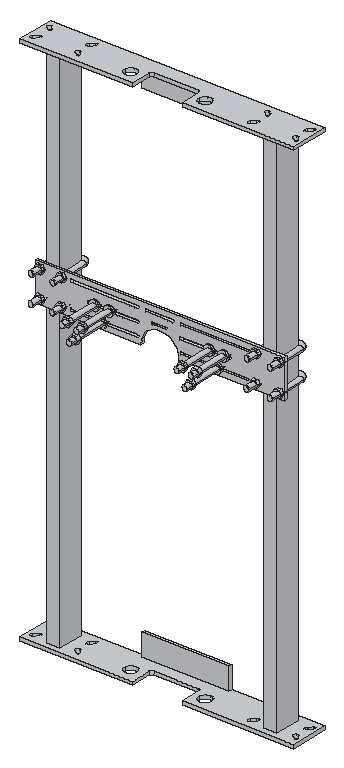
Revit family "mc-31", category Plumbing Fixtures, Revit 2023
Family settings
  Round Connector Dimension = Use Diameter
  Part Type = Normal
  Work Plane-Based = No
  Enable Cutting in Views = No
  Always vertical = Yes
  Cut with Voids When Loaded = No
  Maintain Annotation Orientation = No
  Shared = No
  Room Calculation Point = No
Parameters (values of type "MC-31")
  Model = "MC-31"
  Manufacturer = "MIFAB"
  L2 = 1' - 5"
  H2 = 1' - 3.1687"
  H1 = 3' - 6"
  H = 1' - 3"
  Description = "Urinal Carrier"
  Default Elevation = 0' - 0"
Types (2): name | H
  (no name) | 0' - 4 3/8"
  MC-31 | 1' - 3"
Reference planes (in)
  plane 1 "Center (Front/Back)": y = 0
  plane 2: z = 0
  plane 3 "Center (Left/Right)": x = 0
  plane 4: z = 42
  plane 5: z = 27
  plane 6: z = 25.49365
  plane 7: x = -8.5385
  plane 8: z = 34.48229
  plane 9: x = 8.4615
  plane 10: x = -8.5385
Forms (in)
  Extrusion 1, solid
    sketch origin (-0.0385, 0, 0) x (1, 0, 0) y (0, 1, 0)
      loop
        line (-10.75, 1.5) -> (-10.75, -1.5) -> (-1.92588, -1.5) -> (-1.92588, 0.0712)
        arc (-1.92588, 0.0712) -> (-1.85266, 0.24798) -> (-1.67588, 0.3212) r 0.25
        line (-1.67588, 0.3212) -> (1.75288, 0.3212)
        arc (1.75288, 0.3212) -> (1.92966, 0.24798) -> (2.00288, 0.0712) r 0.25
        line (2.00288, 0.0712) -> (2.00288, -1.5) -> (10.75, -1.5) -> (10.75, 1.5) -> (-10.75, 1.5)
      loop
        line (-10.41696, 0.69953) -> (-10.1493, 0.43187)
        arc (-10.1493, 0.43187) -> (-9.91323, 0.43187) -> (-9.91323, 0.66794) r 0.16692
        line (-9.91323, 0.66794) -> (-10.18089, 0.9356)
        arc (-10.18089, 0.9356) -> (-10.41696, 0.9356) -> (-10.41696, 0.69953) r 0.16692
      loop
        arc (-10.41696, -0.69953) -> (-10.41696, -0.9356) -> (-10.18089, -0.9356) r 0.16692
        line (-10.18089, -0.9356) -> (-9.91323, -0.66794)
        arc (-9.91323, -0.66794) -> (-9.91323, -0.43187) -> (-10.1493, -0.43187) r 0.16692
        line (-10.1493, -0.43187) -> (-10.41696, -0.69953)
      loop
        arc (-6.58304, 0.69953) -> (-6.58304, 0.9356) -> (-6.81911, 0.9356) r 0.16692
        line (-6.81911, 0.9356) -> (-7.08677, 0.66794)
        arc (-7.08677, 0.66794) -> (-7.08677, 0.43187) -> (-6.8507, 0.43187) r 0.16692
        line (-6.8507, 0.43187) -> (-6.58304, 0.69953)
      loop
        line (-6.58304, -0.69953) -> (-6.8507, -0.43187)
        arc (-6.8507, -0.43187) -> (-7.08677, -0.43187) -> (-7.08677, -0.66794) r 0.16692
        line (-7.08677, -0.66794) -> (-6.81911, -0.9356)
        arc (-6.81911, -0.9356) -> (-6.58304, -0.9356) -> (-6.58304, -0.69953) r 0.16692
      loop
        arc (10.49395, 0.69953) -> (10.49395, 0.9356) -> (10.25789, 0.9356) r 0.16692
        line (10.25789, 0.9356) -> (9.99023, 0.66794)
        arc (9.99023, 0.66794) -> (9.99023, 0.43187) -> (10.22629, 0.43187) r 0.16692
        line (10.22629, 0.43187) -> (10.49395, 0.69953)
      loop
        line (10.49395, -0.69953) -> (10.22629, -0.43187)
        arc (10.22629, -0.43187) -> (9.99023, -0.43187) -> (9.99023, -0.66794) r 0.16692
        line (9.99023, -0.66794) -> (10.25789, -0.9356)
        arc (10.25789, -0.9356) -> (10.49395, -0.9356) -> (10.49395, -0.69953) r 0.16692
      loop
        line (6.66004, 0.69953) -> (6.9277, 0.43187)
        arc (6.9277, 0.43187) -> (7.16376, 0.43187) -> (7.16376, 0.66794) r 0.16692
        line (7.16376, 0.66794) -> (6.8961, 0.9356)
        arc (6.8961, 0.9356) -> (6.66004, 0.9356) -> (6.66004, 0.69953) r 0.16692
      loop
        arc (6.66004, -0.69953) -> (6.66004, -0.9356) -> (6.8961, -0.9356) r 0.16692
        line (6.8961, -0.9356) -> (7.16376, -0.66794)
        arc (7.16376, -0.66794) -> (7.16376, -0.43187) -> (6.9277, -0.43187) r 0.16692
        line (6.9277, -0.43187) -> (6.66004, -0.69953)
      loop
        circle (-2.87739, -0.45397) r 0.5
      loop
        circle (2.95439, -0.45397) r 0.5
    from 0 to 0.25
  Extrusion 2, solid
    sketch origin (-0.0385, 0, 0) x (1, 0, 0) y (0, 1, 0)
      loop
        line (-9, 1) -> (-9, -1) -> (-8, -1) -> (-8, 1) -> (-9, 1)
      loop
        line (9, 1) -> (8, 1) -> (8, -1) -> (9, -1) -> (9, 1)
      loop
        line (-8.875, 0.875) -> (-8.875, -0.875) -> (-8.125, -0.875) -> (-8.125, 0.875) -> (-8.875, 0.875)
      loop
        line (8.875, 0.875) -> (8.125, 0.875) -> (8.125, -0.875) -> (8.875, -0.875) -> (8.875, 0.875)
    from 0.25 to 42
  Extrusion 3, solid
    sketch origin (-0.0385, -1.5, 0) x (1, 0, 0) y (0, 0, 1)
      loop
        line (-9.71159, 27) -> (-9.71159, 23.96458) -> (-1.46142, 23.96458)
        arc (-1.46142, 23.96458) -> (0.0385, 25.46449) -> (1.53841, 23.96458) r 1.49991
        line (1.53841, 23.96458) -> (9.78841, 23.96458) -> (9.78841, 27) -> (1.53841, 27) -> (-9.71159, 27)
      loop
        line (5.58241, 25.60666) -> (5.31341, 25.60666)
        arc (5.31341, 25.60666) -> (5.09835, 25.72919) -> (4.88329, 25.60666) r 0.25
        line (4.88329, 25.60666) -> (4.19353, 25.60666)
        arc (4.19353, 25.60666) -> (3.97847, 25.72919) -> (3.76341, 25.60666) r 0.25
        line (3.76341, 25.60666) -> (1.70741, 25.60666)
        arc (1.70741, 25.60666) -> (1.58241, 25.48166) -> (1.70741, 25.35666) r 0.125
        line (1.70741, 25.35666) -> (3.76056, 25.35666)
        arc (3.76056, 25.35666) -> (3.97847, 25.22919) -> (4.19639, 25.35666) r 0.25
        line (4.19639, 25.35666) -> (4.88044, 25.35666)
        arc (4.88044, 25.35666) -> (5.09835, 25.22919) -> (5.31627, 25.35666) r 0.25
        line (5.31627, 25.35666) -> (5.58241, 25.35666)
        arc (5.58241, 25.35666) -> (5.70741, 25.48166) -> (5.58241, 25.60666) r 0.125
      loop
        arc (-5.50558, 25.60666) -> (-5.63058, 25.48166) -> (-5.50558, 25.35666) r 0.125
        line (-5.50558, 25.35666) -> (-5.23944, 25.35666)
        arc (-5.23944, 25.35666) -> (-5.02153, 25.22919) -> (-4.80361, 25.35666) r 0.25
        line (-4.80361, 25.35666) -> (-4.11956, 25.35666)
        arc (-4.11956, 25.35666) -> (-3.90165, 25.22919) -> (-3.68373, 25.35666) r 0.25
        line (-3.68373, 25.35666) -> (-1.63058, 25.35666)
        arc (-1.63058, 25.35666) -> (-1.50558, 25.48166) -> (-1.63058, 25.60666) r 0.125
        line (-1.63058, 25.60666) -> (-3.68659, 25.60666)
        arc (-3.68659, 25.60666) -> (-3.90165, 25.72919) -> (-4.11671, 25.60666) r 0.25
        line (-4.11671, 25.60666) -> (-4.80647, 25.60666)
        arc (-4.80647, 25.60666) -> (-5.02153, 25.72919) -> (-5.23659, 25.60666) r 0.25
        line (-5.23659, 25.60666) -> (-5.50558, 25.60666)
      loop
        circle (-9.34479, 26.55338) r 0.2
      loop
        circle (9.40697, 26.55338) r 0.2
      loop
        circle (7.59932, 26.55338) r 0.2
      loop
        circle (9.40697, 24.41119) r 0.2
      loop
        circle (7.56001, 24.41005) r 0.2
      loop
        circle (-7.62989, 26.55338) r 0.2
      loop
        circle (-9.34479, 24.43392) r 0.2
      loop
        circle (-7.67309, 24.43392) r 0.2
      loop
        arc (1.0665, 26.39013) -> (1.1915, 26.51513) -> (1.0665, 26.64013) r 0.125
        line (1.0665, 26.64013) -> (-0.9895, 26.64013)
        arc (-0.9895, 26.64013) -> (-1.1145, 26.51513) -> (-0.9895, 26.39013) r 0.125
        line (-0.9895, 26.39013) -> (1.0665, 26.39013)
      loop
        arc (-1.69303, 26.38897) -> (-1.56803, 26.51397) -> (-1.69303, 26.63897) r 0.125
        line (-1.69303, 26.63897) -> (-6.86477, 26.63897)
        arc (-6.86477, 26.63897) -> (-6.98977, 26.51397) -> (-6.86477, 26.38897) r 0.125
        line (-6.86477, 26.38897) -> (-1.69303, 26.38897)
      loop
        arc (0.5665, 25.67388) -> (0.6915, 25.79888) -> (0.5665, 25.92388) r 0.125
        line (0.5665, 25.92388) -> (-0.4895, 25.92388)
        arc (-0.4895, 25.92388) -> (-0.6145, 25.79888) -> (-0.4895, 25.67388) r 0.125
        line (-0.4895, 25.67388) -> (0.5665, 25.67388)
      loop
        line (-1.69303, 24.59833) -> (-6.86477, 24.59833)
        arc (-6.86477, 24.59833) -> (-6.98977, 24.47333) -> (-6.86477, 24.34833) r 0.125
        line (-6.86477, 24.34833) -> (-1.69303, 24.34833)
        arc (-1.69303, 24.34833) -> (-1.56803, 24.47333) -> (-1.69303, 24.59833) r 0.125
      loop
        line (1.77003, 26.38897) -> (6.94177, 26.38897)
        arc (6.94177, 26.38897) -> (7.06677, 26.51397) -> (6.94177, 26.63897) r 0.125
        line (6.94177, 26.63897) -> (1.77003, 26.63897)
        arc (1.77003, 26.63897) -> (1.64503, 26.51397) -> (1.77003, 26.38897) r 0.125
      loop
        arc (1.77003, 24.59833) -> (1.64503, 24.47333) -> (1.77003, 24.34833) r 0.125
        line (1.77003, 24.34833) -> (6.94177, 24.34833)
        arc (6.94177, 24.34833) -> (7.06677, 24.47333) -> (6.94177, 24.59833) r 0.125
        line (6.94177, 24.59833) -> (1.77003, 24.59833)
    from -0.5 to -0.25
  Sweep 4, solid
    path origin (-0.04744, 0.01618, -10.80569) x (1, 0, 0) y (0, 1, 0)
      loop
        line (-9.37144, -2.1899) -> (-9.37144, 0.8101)
        arc (-9.37144, 0.8101) -> (-9.2426, 1.12116) -> (-8.93154, 1.25) r 0.4399
        line (-8.93154, 1.25) -> (-8.06846, 1.25)
        arc (-8.06846, 1.25) -> (-7.7574, 1.12116) -> (-7.62856, 0.8101) r 0.4399
        line (-7.62856, 0.8101) -> (-7.62856, -2.1899)
    profile origin (-9.41888, -0.67372, -10.80569) x (-1, 0, 0) y (0, 0, 1)
      loop
        circle (-0.03559, 35.23961) r 0.2
  Sweep 5, solid
    path origin (-0.03535, 0, -8.55569) x (-1, 0, 0) y (0, 1, 0)
      loop
        line (-9.37144, -2.1899) -> (-9.37144, 0.8101)
        arc (-9.37144, 0.8101) -> (-9.2426, 1.12116) -> (-8.93154, 1.25) r 0.4399
        line (-8.93154, 1.25) -> (-8.06846, 1.25)
        arc (-8.06846, 1.25) -> (-7.7574, 1.12116) -> (-7.62856, 0.8101) r 0.4399
        line (-7.62856, 0.8101) -> (-7.62856, -2.1899)
    profile origin (9.33609, -0.6899, -8.55569) x (-1, 0, 0) y (0, 0, 1)
      loop
        circle (-0.03238, 35.10907) r 0.2
  Extrusion 6, solid
    sketch origin (-0.0385, 0, 1.38699) x (1, 0, 0) y (0, 0, 1)
      loop
        line (-9.17226, 25.46522) -> (-9.51732, 25.46522) -> (-9.68985, 25.16639) -> (-9.51732, 24.86756) -> (-9.13577, 24.86756) -> (-8.98149, 25.13479) -> (-9.17226, 25.46522)
      loop
        circle (-9.34479, 25.16639) r 0.2
      loop
        line (-7.79187, 25.48347) -> (-7.97494, 25.16639) -> (-7.80241, 24.86756) -> (-7.45736, 24.86756) -> (-7.28483, 25.16639) -> (-7.4679, 25.48347) -> (-7.79187, 25.48347)
      loop
        circle (-7.62989, 25.16639) r 0.2
      loop
        line (9.23444, 25.46522) -> (9.06191, 25.16639) -> (9.23444, 24.86756) -> (9.5795, 24.86756) -> (9.75203, 25.16639) -> (9.5795, 25.46522) -> (9.23444, 25.46522)
      loop
        circle (9.40697, 25.16639) r 0.2
      loop
        line (7.77185, 25.46522) -> (7.42679, 25.46522) -> (7.25426, 25.16639) -> (7.42428, 24.87191) -> (7.77436, 24.87191) -> (7.94438, 25.16639) -> (7.77185, 25.46522)
      loop
        circle (7.59932, 25.16639) r 0.2
      loop
        line (-9.17226, 23.34576) -> (-9.51732, 23.34576) -> (-9.68985, 23.04693) -> (-9.51732, 22.7481) -> (-9.13577, 22.7481) -> (-8.98149, 23.01533) -> (-9.17226, 23.34576)
      loop
        circle (-9.34479, 23.04693) r 0.2
      loop
        line (-7.83508, 23.36401) -> (-8.01814, 23.04693) -> (-7.84561, 22.7481) -> (-7.50056, 22.7481) -> (-7.32803, 23.04693) -> (-7.5111, 23.36401) -> (-7.83508, 23.36401)
      loop
        circle (-7.67309, 23.04693) r 0.2
      loop
        line (9.23444, 23.31798) -> (9.06191, 23.01915) -> (9.23444, 22.72032) -> (9.5795, 22.72032) -> (9.75203, 23.01915) -> (9.5795, 23.31798) -> (9.23444, 23.31798)
      loop
        circle (9.40697, 23.01915) r 0.2
      loop
        line (7.73248, 23.31798) -> (7.38742, 23.31798) -> (7.21489, 23.01915) -> (7.3849, 22.72468) -> (7.73499, 22.72468) -> (7.90501, 23.01915) -> (7.73248, 23.31798)
      loop
        circle (7.55995, 23.01915) r 0.2
    from 1.25 to 1.45661
  Extrusion 7, solid
    sketch origin (-0.0385, 0, 0) x (1, 0, 0) y (0, 0, 1)
      loop
        circle (-3.90193, 25.46864) r 0.2
      loop
        circle (-5.05994, 25.47919) r 0.2
      loop
        circle (3.94006, 25.47919) r 0.2
      loop
        circle (5.05994, 25.47919) r 0.2
      loop
        circle (-4.49002, 24.44486) r 0.2
      loop
        circle (4.56702, 24.44486) r 0.2
    from 0.73281 to 4.48435
  Extrusion 8, solid
    sketch origin (4.273, -2.4273, -1.55033) x (1, 0, 0) y (0, 0, 1)
      loop
        line (-9.19891, 27.32835) -> (-9.54397, 27.32835) -> (-9.7165, 27.02952) -> (-9.54397, 26.73069) -> (-9.19891, 26.73069) -> (-9.02638, 27.02952) -> (-9.19891, 27.32835)
      loop
        circle (-9.37144, 27.02952) r 0.2
      loop
        line (-8.04062, 27.3178) -> (-8.38568, 27.3178) -> (-8.55821, 27.01897) -> (-8.38568, 26.72014) -> (-8.04062, 26.72014) -> (-7.86809, 27.01897) -> (-8.04062, 27.3178)
      loop
        circle (-8.21315, 27.01897) r 0.2
      loop
        line (-0.19891, 27.32835) -> (-0.54397, 27.32835) -> (-0.7165, 27.02952) -> (-0.54397, 26.73069) -> (-0.19891, 26.73069) -> (-0.02638, 27.02952) -> (-0.19891, 27.32835)
      loop
        circle (-0.37144, 27.02952) r 0.2
      loop
        line (0.92097, 27.32835) -> (0.57591, 27.32835) -> (0.40338, 27.02952) -> (0.57591, 26.73069) -> (0.92097, 26.73069) -> (1.09349, 27.02952) -> (0.92097, 27.32835)
      loop
        circle (0.74844, 27.02952) r 0.2
      loop
        line (-8.63767, 26.29639) -> (-8.97539, 26.29639) -> (-9.14792, 25.99756) -> (-8.97539, 25.69873) -> (-8.63033, 25.69873) -> (-8.46147, 25.99121) -> (-8.63767, 26.29639)
      loop
        circle (-8.80286, 25.99756) r 0.2
      loop
        line (0.09166, 26.29639) -> (-0.08454, 25.99121) -> (0.08432, 25.69873) -> (0.42938, 25.69873) -> (0.60191, 25.99756) -> (0.42938, 26.29639) -> (0.09166, 26.29639)
      loop
        circle (0.25685, 25.99756) r 0.2
    from 1.375 to 1.625
  Extrusion 9, solid
    sketch origin (4.273, 0, -1.55033) x (1, 0, 0) y (0, 0, 1)
      loop
        circle (-0.37144, 27.02952) r 0.37857
      loop
        circle (0.74844, 27.02952) r 0.37857
      loop
        circle (-8.21499, 27.02001) r 0.37857
      loop
        circle (-9.35304, 27.02952) r 0.37857
      loop
        circle (-8.80682, 25.99493) r 0.37857
      loop
        circle (0.24191, 25.99493) r 0.37857
    from 1.25 to 1.375
  Sweep 10, solid
    path origin (-0.05501, 0, -10.80569) x (-1, 0, 0) y (0, -1, 0)
      loop
        line (-9.37144, 2.1899) -> (-9.37144, -0.8101)
        arc (-9.37144, -0.8101) -> (-9.2426, -1.12116) -> (-8.93154, -1.25) r 0.4399
        line (-8.93154, -1.25) -> (-8.06846, -1.25)
        arc (-8.06846, -1.25) -> (-7.7574, -1.12116) -> (-7.62856, -0.8101) r 0.4399
        line (-7.62856, -0.8101) -> (-7.62856, 2.1899)
    profile origin (9.31643, -0.6899, -10.80569) x (-1, 0, 0) y (0, 0, 1)
      loop
        circle (-0.05204, 35.21688) r 0.2
  Sweep 11, solid
    path origin (-0.04018, 0.01618, -5.10468) x (1, 0, 0) y (0, 1, 0)
      loop
        line (-9.37144, -2.1899) -> (-9.37144, 0.8101)
        arc (-9.37144, 0.8101) -> (-9.2426, 1.12116) -> (-8.93154, 1.25) r 0.4399
        line (-8.93154, 1.25) -> (-8.03977, 1.25)
        arc (-8.03977, 1.25) -> (-7.72871, 1.12116) -> (-7.59987, 0.8101) r 0.4399
        line (-7.59987, 0.8101) -> (-7.59987, -2.1899)
    profile origin (-9.41162, -0.67372, -5.10468) x (-1, 0, 0) y (0, 0, 1)
      loop
        circle (-0.02833, 31.65806) r 0.2
  Extrusion 12, solid
    sketch origin (0, 0, 0) x (1, 0, 0) y (0, 0, 1)
      loop
        line (-3.41589, 0.25) -> (3.4201, 0.25) -> (3.4201, 2) -> (-3.41589, 2) -> (-3.41589, 0.25)
    from -1.5 to -1.23036
  Extrusion 13, solid
    sketch origin (-0.0385, 0, 42) x (1, 0, 0) y (0, 1, 0)
      loop
        line (-10.75, 1.5) -> (-10.75, -1.5) -> (-1.92588, -1.5) -> (-1.92588, 0.0712)
        arc (-1.92588, 0.0712) -> (-1.85266, 0.24798) -> (-1.67588, 0.3212) r 0.25
        line (-1.67588, 0.3212) -> (1.75288, 0.3212)
        arc (1.75288, 0.3212) -> (1.92966, 0.24798) -> (2.00288, 0.0712) r 0.25
        line (2.00288, 0.0712) -> (2.00288, -1.5) -> (10.75, -1.5) -> (10.75, 1.5) -> (-10.75, 1.5)
      loop
        line (-10.41696, 0.69953) -> (-10.1493, 0.43187)
        arc (-10.1493, 0.43187) -> (-9.91323, 0.43187) -> (-9.91323, 0.66794) r 0.16692
        line (-9.91323, 0.66794) -> (-10.18089, 0.9356)
        arc (-10.18089, 0.9356) -> (-10.41696, 0.9356) -> (-10.41696, 0.69953) r 0.16692
      loop
        arc (-10.41696, -0.69953) -> (-10.41696, -0.9356) -> (-10.18089, -0.9356) r 0.16692
        line (-10.18089, -0.9356) -> (-9.91323, -0.66794)
        arc (-9.91323, -0.66794) -> (-9.91323, -0.43187) -> (-10.1493, -0.43187) r 0.16692
        line (-10.1493, -0.43187) -> (-10.41696, -0.69953)
      loop
        arc (-6.58304, 0.69953) -> (-6.58304, 0.9356) -> (-6.81911, 0.9356) r 0.16692
        line (-6.81911, 0.9356) -> (-7.08677, 0.66794)
        arc (-7.08677, 0.66794) -> (-7.08677, 0.43187) -> (-6.8507, 0.43187) r 0.16692
        line (-6.8507, 0.43187) -> (-6.58304, 0.69953)
      loop
        line (-6.58304, -0.69953) -> (-6.8507, -0.43187)
        arc (-6.8507, -0.43187) -> (-7.08677, -0.43187) -> (-7.08677, -0.66794) r 0.16692
        line (-7.08677, -0.66794) -> (-6.81911, -0.9356)
        arc (-6.81911, -0.9356) -> (-6.58304, -0.9356) -> (-6.58304, -0.69953) r 0.16692
      loop
        arc (10.49395, 0.69953) -> (10.49395, 0.9356) -> (10.25789, 0.9356) r 0.16692
        line (10.25789, 0.9356) -> (9.99023, 0.66794)
        arc (9.99023, 0.66794) -> (9.99023, 0.43187) -> (10.22629, 0.43187) r 0.16692
        line (10.22629, 0.43187) -> (10.49395, 0.69953)
      loop
        line (10.49395, -0.69953) -> (10.22629, -0.43187)
        arc (10.22629, -0.43187) -> (9.99023, -0.43187) -> (9.99023, -0.66794) r 0.16692
        line (9.99023, -0.66794) -> (10.25789, -0.9356)
        arc (10.25789, -0.9356) -> (10.49395, -0.9356) -> (10.49395, -0.69953) r 0.16692
      loop
        line (6.66004, 0.69953) -> (6.9277, 0.43187)
        arc (6.9277, 0.43187) -> (7.16376, 0.43187) -> (7.16376, 0.66794) r 0.16692
        line (7.16376, 0.66794) -> (6.8961, 0.9356)
        arc (6.8961, 0.9356) -> (6.66004, 0.9356) -> (6.66004, 0.69953) r 0.16692
      loop
        arc (6.66004, -0.69953) -> (6.66004, -0.9356) -> (6.8961, -0.9356) r 0.16692
        line (6.8961, -0.9356) -> (7.16376, -0.66794)
        arc (7.16376, -0.66794) -> (7.16376, -0.43187) -> (6.9277, -0.43187) r 0.16692
        line (6.9277, -0.43187) -> (6.66004, -0.69953)
      loop
        circle (-2.87739, -0.45397) r 0.5
      loop
        circle (2.95439, -0.45397) r 0.5
    from 0 to 0.25
  Extrusion 14, solid
    sketch origin (0, 0, 40) x (1, 0, 0) y (0, 0, 1)
      loop
        line (-3.41589, 0.25) -> (3.4201, 0.25) -> (3.4201, 2) -> (-3.41589, 2) -> (-3.41589, 0.25)
    from -1.5 to -1.23036
Dimensions and locks (in)
  locked: Extrusion 3 to Extrusion 3 at 0.25
  "H": plane 4 to plane 5
  Extrusion 3 sketch curve to Extrusion 3 sketch curve = 0' - 3.03542"
  "H1": plane 4 to level
  plane 5 to plane 6 = 0' - 1.50635"
  plane 7 to Sweep 11 sketch curve = 0' - 0.84479"
  Extrusion 3 sketch curve to Extrusion 3 sketch curve = 1' - 7 1/2"
  plane 7 to Extrusion 3 sketch curve = 0' - 0.84479"
  aligned and locked: Extrusion 2 to Extrusion 1
  aligned and locked: Extrusion 3 to Extrusion 2
  aligned and locked: plane 4 to Extrusion 2
  aligned and locked: plane 5 to Extrusion 3
  aligned and locked: Extrusion 6 to Extrusion 3
  aligned and locked: Sweep 11 sketch curve to Extrusion 6
  aligned and locked: Sweep 5 sketch curve to Extrusion 6
  aligned and locked: Sweep 10 sketch curve to Extrusion 3
  aligned and locked: Sweep 4 sketch curve to Extrusion 3
Automatic sketch dimensions
  Extrusion 1 sketch curve to plane 7 = 0' - 2 1/4"
  Extrusion 1 sketch curve to plane 1 "Center (Front/Back)" = 0' - 0.69953"  (x4)
  Extrusion 1 sketch curve to Extrusion 1 sketch curve = 0' - 0.33304"  (x2)
  plane 1 "Center (Front/Back)" to Extrusion 1 sketch curve = 0' - 0.69953"  (x4)
  Extrusion 1 sketch curve to Extrusion 1 sketch curve = 0' - 0.11803"  (x33)
  Extrusion 1 sketch curve to plane 1 "Center (Front/Back)" = 0' - 0.9356"  (x3)
  plane 1 "Center (Front/Back)" to Extrusion 1 sketch curve = 0' - 0.9356"  (x3)
  Extrusion 1 sketch curve to plane 1 "Center (Front/Back)" = 0' - 0.43187"  (x4)
  Extrusion 1 sketch curve to Extrusion 1 sketch curve = 0' - 0.26766"  (x8)
  plane 1 "Center (Front/Back)" to Extrusion 1 sketch curve = 0' - 0.43187"  (x4)
  plane 1 "Center (Front/Back)" to Extrusion 1 sketch curve = 0' - 0.66794"  (x4)
  Extrusion 1 sketch curve to plane 1 "Center (Front/Back)" = 0' - 0.66794"  (x4)
  plane 7 to Extrusion 1 sketch curve = 0' - 1.41323"
  Extrusion 1 sketch curve to Extrusion 1 sketch curve = 0' - 0"  (x3)
  plane 1 "Center (Front/Back)" to Extrusion 1 sketch curve = 0' - 0.45397"  (x2)
  Extrusion 1 sketch curve to plane 3 "Center (Left/Right)" = 0' - 2.91589"
  Extrusion 1 sketch curve to Extrusion 1 sketch curve = 0' - 0.95151"  (x2)
  Extrusion 1 sketch curve to plane 1 "Center (Front/Back)" = 0' - 0.0712"  (x2)
  Extrusion 1 sketch curve to Extrusion 1 sketch curve = 0' - 0 1/4"
  plane 3 "Center (Left/Right)" to Extrusion 1 sketch curve = 0' - 1.71438"
  Extrusion 1 sketch curve to Extrusion 1 sketch curve = 0' - 3.70565"
  Extrusion 1 sketch curve to Extrusion 1 sketch curve = 0' - 2.82647"
  Extrusion 1 sketch curve to Extrusion 1 sketch curve = 0' - 0.49211"
  Extrusion 1 sketch curve to Extrusion 1 sketch curve = 0' - 0.5644"  (x2)
  Extrusion 1 sketch curve to Extrusion 1 sketch curve = 0' - 1.04603"
  Extrusion 1 sketch curve to Extrusion 1 sketch curve = 0' - 0.23606"
  Extrusion 2 sketch curve to plane 7 = 0' - 0 1/2"
  Extrusion 2 sketch curve to Extrusion 2 sketch curve = 0' - 0 1/8"  (x8)
  plane 7 to Extrusion 2 sketch curve = 0' - 0 3/8"
  Extrusion 2 sketch curve to plane 9 = 0' - 0 1/2"
  plane 9 to Extrusion 2 sketch curve = 0' - 0 3/8"
  plane 1 "Center (Front/Back)" to Extrusion 2 sketch curve = 0' - 1"  (x2)
  Extrusion 2 sketch curve to plane 1 "Center (Front/Back)" = 0' - 0 7/8"  (x2)
  Extrusion 3 sketch curve to Extrusion 3 sketch curve = 0' - 0"  (x8)
  Extrusion 3 sketch curve to plane 5 = 0' - 0"
  Extrusion 3 sketch curve to plane 3 "Center (Left/Right)" = 0' - 0"
  Extrusion 3 sketch curve to plane 7 = 0' - 0.84479"
  Extrusion 3 sketch curve to Extrusion 3 sketch curve = 0' - 0.3668"
  plane 7 to Extrusion 3 sketch curve = 0' - 0.82691"
  plane 7 to Extrusion 3 sketch curve = 0' - 0.87011"
  Extrusion 3 sketch curve to Extrusion 3 sketch curve = 0' - 0.80831"
  Extrusion 3 sketch curve to Extrusion 3 sketch curve = 0' - 0.76511"
  Extrusion 3 sketch curve to plane 6 = 0' - 0.01199"
  Extrusion 3 sketch curve to Extrusion 3 sketch curve = 0' - 1.35919"
  Extrusion 3 sketch curve to Extrusion 3 sketch curve = 0' - 0.26614"  (x2)
  Extrusion 3 sketch curve to Extrusion 3 sketch curve = 0' - 0.00285"  (x4)
  Extrusion 3 sketch curve to plane 6 = 0' - 0.01446"  (x4)
  Extrusion 3 sketch curve to Extrusion 3 sketch curve = 0' - 0.21506"  (x5)
  plane 6 to Extrusion 3 sketch curve = 0' - 0.11301"  (x5)
  Extrusion 3 sketch curve to plane 6 = 0' - 0.13699"  (x5)
  Extrusion 3 sketch curve to Extrusion 3 sketch curve = 0' - 0.68405"  (x2)
  plane 5 to Extrusion 3 sketch curve = 0' - 0.48603"
  Extrusion 3 sketch curve to plane 3 "Center (Left/Right)" = 0' - 1.73153"  (x2)
  Extrusion 3 sketch curve to plane 6 = 0' - 1.14532"  (x2)
  Extrusion 3 sketch curve to Extrusion 3 sketch curve = 0' - 0.06245"
  Extrusion 3 sketch curve to Extrusion 3 sketch curve = 0' - 0.23162"  (x3)
  Extrusion 3 sketch curve to Extrusion 3 sketch curve = 0' - 0.70353"
  Extrusion 3 sketch curve to plane 3 "Center (Left/Right)" = 0' - 0.528"
  plane 6 to Extrusion 3 sketch curve = 0' - 0.18023"
  plane 3 "Center (Left/Right)" to Extrusion 3 sketch curve = 0' - 0.528"
  plane 5 to Extrusion 3 sketch curve = 0' - 0.35987"
  Extrusion 3 sketch curve to Extrusion 3 sketch curve = 0' - 0 1/2"
  Extrusion 3 sketch curve to Extrusion 3 sketch curve = 0' - 0.47191"
  Extrusion 3 sketch curve to Extrusion 3 sketch curve = 0' - 1.1409"
  Extrusion 3 sketch curve to Extrusion 3 sketch curve = 0' - 2.05315"
  plane 5 to Extrusion 3 sketch curve = 0' - 0.61103"
  Extrusion 3 sketch curve to Extrusion 3 sketch curve = 0' - 1 23/64"  (x2)
  Extrusion 3 sketch curve to Extrusion 3 sketch curve = 0' - 0.61824"
  Extrusion 3 sketch curve to Extrusion 3 sketch curve = 0' - 0.65755"
  Extrusion 3 sketch curve to Extrusion 3 sketch curve = 0' - 0.38144"  (x2)
  Extrusion 3 sketch curve to Extrusion 3 sketch curve = 0' - 0.06171"
  Extrusion 3 sketch curve to Extrusion 3 sketch curve = 0' - 0.44662"
  Extrusion 3 sketch curve to Extrusion 3 sketch curve = 0' - 0.46934"
  Extrusion 3 sketch curve to Extrusion 3 sketch curve = 0' - 0.08559"
  Extrusion 3 sketch curve to Extrusion 3 sketch curve = 0' - 0 1/8"  (x5)
  Extrusion 3 sketch curve to Extrusion 3 sketch curve = 0' - 0 1/4"
  plane 5 to Extrusion 3 sketch curve = 0' - 0.44662"  (x4)
  Sweep 4 sketch curve to plane 7 = 0' - 0.88038"
  Sweep 4 sketch curve to plane 7 = 0' - 0.44048"
  plane 7 to Sweep 4 sketch curve = 0' - 0.4226"
  Sweep 4 sketch curve to Sweep 4 sketch curve = 0' - 0.4399"
  Sweep 4 sketch curve to plane 1 "Center (Front/Back)" = 0' - 0.82628"
  plane 1 "Center (Front/Back)" to Sweep 4 sketch curve = 0' - 2.17372"
  Sweep 4 sketch curve to Sweep 4 sketch curve = 0' - 0"
  plane 1 "Center (Front/Back)" to Sweep 5 sketch curve = 0' - 0.8101"
  Sweep 5 sketch curve to plane 3 "Center (Left/Right)" = 0' - 9.33609"
  Sweep 5 sketch curve to Sweep 5 sketch curve = 0' - 0.4399"  (x2)
  Sweep 5 sketch curve to Sweep 5 sketch curve = 0' - 0.86309"
  Sweep 5 sketch curve to plane 1 "Center (Front/Back)" = 0' - 2.1899"
  Sweep 5 sketch curve to Sweep 5 sketch curve = 0' - 0"
  plane 5 to Extrusion 6 sketch curve = 0' - 0.44662"  (x6)
  Extrusion 6 sketch curve to plane 7 = 0' - 1.18985"  (x2)
  Extrusion 6 sketch curve to Extrusion 6 sketch curve = 0' - 0.17253"  (x22)
  plane 5 to Extrusion 6 sketch curve = 0' - 0.14779"  (x3)
  Extrusion 6 sketch curve to Extrusion 6 sketch curve = 0' - 0.20902"  (x2)
  Extrusion 6 sketch curve to Extrusion 6 sketch curve = 0' - 0.15429"  (x2)
  plane 7 to Extrusion 6 sketch curve = 0' - 0.48186"
  plane 7 to Extrusion 6 sketch curve = 0' - 0.52506"
  Extrusion 6 sketch curve to Extrusion 6 sketch curve = 0' - 0.18307"  (x2)
  plane 5 to Extrusion 6 sketch curve = 0' - 0.12953"
  Extrusion 6 sketch curve to Extrusion 6 sketch curve = 0' - 0.34506"  (x10)
  Extrusion 6 sketch curve to Extrusion 6 sketch curve = 0' - 0.32398"  (x2)
  plane 5 to Extrusion 6 sketch curve = 0' - 2.59385"  (x4)
  plane 3 "Center (Left/Right)" to Extrusion 6 sketch curve = 0' - 7.17639"
  Extrusion 6 sketch curve to Extrusion 6 sketch curve = 0' - 0.03937"
  plane 5 to Extrusion 6 sketch curve = 0' - 2.88833"
  Extrusion 6 sketch curve to Extrusion 6 sketch curve = 0' - 0.17002"  (x4)
  plane 5 to Extrusion 6 sketch curve = 0' - 0.74109"
  Extrusion 6 sketch curve to Extrusion 6 sketch curve = 0' - 0.17504"  (x4)
  Extrusion 6 sketch curve to Extrusion 6 sketch curve = 0' - 1.11753"
  Extrusion 6 sketch curve to Extrusion 6 sketch curve = 0' - 1.1569"
  plane 5 to Extrusion 6 sketch curve = 0' - 2.29503"
  plane 5 to Extrusion 6 sketch curve = 0' - 0.74545"
  Extrusion 6 sketch curve to Extrusion 6 sketch curve = 0' - 0.29883"  (x10)
  Extrusion 6 sketch curve to Extrusion 6 sketch curve = 0' - 2.41829"
  Extrusion 6 sketch curve to Extrusion 6 sketch curve = 0' - 0"  (x5)
  Extrusion 6 sketch curve to Extrusion 6 sketch curve = 0' - 0.26723"  (x2)
  Extrusion 6 sketch curve to Extrusion 6 sketch curve = 0' - 0.29448"  (x2)
  Extrusion 6 sketch curve to Extrusion 6 sketch curve = 0' - 0.31709"
  Extrusion 6 sketch curve to Extrusion 6 sketch curve = 0' - 0 153/256"
  plane 5 to Extrusion 7 sketch curve = 0' - 1.52081"  (x2)
  plane 7 to Extrusion 7 sketch curve = 0' - 3.44006"
  Extrusion 7 sketch curve to Extrusion 7 sketch curve = 0' - 0.56991"
  Extrusion 7 sketch curve to Extrusion 7 sketch curve = 0' - 1.15801"
  plane 3 "Center (Left/Right)" to Extrusion 7 sketch curve = 0' - 3.90156"
  Extrusion 7 sketch curve to Extrusion 7 sketch curve = 0' - 0.62696"
  Extrusion 7 sketch curve to Extrusion 7 sketch curve = 0' - 1.11988"
  Extrusion 7 sketch curve to Extrusion 7 sketch curve = 0' - 0"
  Extrusion 7 sketch curve to Extrusion 7 sketch curve = 0' - 0.01055"
  Extrusion 7 sketch curve to Extrusion 7 sketch curve = 0' - 1.02378"
  Extrusion 7 sketch curve to Extrusion 7 sketch curve = 0' - 1.03433"
  plane 5 to Extrusion 8 sketch curve = 0' - 1.52081"  (x6)
  plane 7 to Extrusion 8 sketch curve = 0' - 3.095"
  plane 5 to Extrusion 8 sketch curve = 0' - 1.22198"  (x2)
  Extrusion 8 sketch curve to Extrusion 8 sketch curve = 0' - 0.17253"  (x17)
  Extrusion 8 sketch curve to Extrusion 8 sketch curve = 0' - 0.34506"  (x13)
  Extrusion 8 sketch curve to Extrusion 8 sketch curve = 0' - 0.05099"
  Extrusion 8 sketch curve to Extrusion 8 sketch curve = 0' - 0.33772"  (x2)
  plane 5 to Extrusion 8 sketch curve = 0' - 1.53136"  (x2)
  Extrusion 8 sketch curve to Extrusion 8 sketch curve = 0' - 0.46817"
  Extrusion 8 sketch curve to Extrusion 8 sketch curve = 0' - 0.16886"  (x2)
  plane 5 to Extrusion 8 sketch curve = 0' - 1.83019"
  plane 3 "Center (Left/Right)" to Extrusion 8 sketch curve = 0' - 3.5565"
  plane 5 to Extrusion 8 sketch curve = 0' - 1.81964"
  Extrusion 8 sketch curve to Extrusion 8 sketch curve = 0' - 0.11438"
  Extrusion 8 sketch curve to Extrusion 8 sketch curve = 0' - 0.1762"
  Extrusion 8 sketch curve to Extrusion 8 sketch curve = 0' - 0.16519"
  Extrusion 8 sketch curve to Extrusion 8 sketch curve = 0' - 0.42976"
  Extrusion 8 sketch curve to Extrusion 8 sketch curve = 0' - 0.4343"
  Extrusion 8 sketch curve to Extrusion 8 sketch curve = 0' - 0.42375"
  Extrusion 8 sketch curve to Extrusion 8 sketch curve = 0' - 0.29883"  (x11)
  Extrusion 8 sketch curve to Extrusion 8 sketch curve = 0' - 0"  (x3)
  Extrusion 8 sketch curve to Extrusion 8 sketch curve = 0' - 0.00636"  (x2)
  plane 5 to Extrusion 9 sketch curve = 0' - 1.52081"  (x2)
  plane 7 to Extrusion 9 sketch curve = 0' - 3.45847"
  Extrusion 9 sketch curve to Extrusion 9 sketch curve = 0' - 0.54621"
  Extrusion 9 sketch curve to Extrusion 9 sketch curve = 0' - 1.13804"
  plane 3 "Center (Left/Right)" to Extrusion 9 sketch curve = 0' - 3.90156"
  Extrusion 9 sketch curve to Extrusion 9 sketch curve = 0' - 0.61335"
  Extrusion 9 sketch curve to Extrusion 9 sketch curve = 0' - 1.11988"
  Extrusion 9 sketch curve to Extrusion 9 sketch curve = 0' - 0.00951"
  Extrusion 9 sketch curve to Extrusion 9 sketch curve = 0' - 1.03459"  (x2)
  Extrusion 9 sketch curve to Extrusion 9 sketch curve = 0' - 0"
  Sweep 10 sketch curve to plane 1 "Center (Front/Back)" = 0' - 0.8101"
  plane 3 "Center (Left/Right)" to Sweep 10 sketch curve = 0' - 9.31643"
  Sweep 10 sketch curve to Sweep 10 sketch curve = 0' - 0.4399"  (x2)
  Sweep 10 sketch curve to Sweep 10 sketch curve = 0' - 0.86309"
  plane 1 "Center (Front/Back)" to Sweep 10 sketch curve = 0' - 2.1899"
  Sweep 10 sketch curve to Sweep 10 sketch curve = 0' - 0"
  Sweep 11 sketch curve to plane 7 = 0' - 0.87312"
  Sweep 11 sketch curve to plane 7 = 0' - 0.43323"
  plane 7 to Sweep 11 sketch curve = 0' - 0.45855"
  Sweep 11 sketch curve to Sweep 11 sketch curve = 0' - 0.4399"
  Sweep 11 sketch curve to plane 1 "Center (Front/Back)" = 0' - 0.82628"
  plane 1 "Center (Front/Back)" to Sweep 11 sketch curve = 0' - 2.17372"
  Sweep 11 sketch curve to Sweep 11 sketch curve = 0' - 0"
  Extrusion 12 sketch curve to plane 3 "Center (Left/Right)" = 0' - 3.41589"
  plane 3 "Center (Left/Right)" to Extrusion 12 sketch curve = 0' - 3.4201"
  level to Extrusion 12 sketch curve = 0' - 0 1/4"
  Extrusion 12 sketch curve to Extrusion 12 sketch curve = 0' - 1 3/4"
  Extrusion 13 sketch curve to plane 7 = 0' - 2 1/4"
  Extrusion 13 sketch curve to plane 1 "Center (Front/Back)" = 0' - 0.69953"  (x4)
  Extrusion 13 sketch curve to Extrusion 13 sketch curve = 0' - 0.33304"  (x2)
  plane 1 "Center (Front/Back)" to Extrusion 13 sketch curve = 0' - 0.69953"  (x4)
  Extrusion 13 sketch curve to Extrusion 13 sketch curve = 0' - 0.11803"  (x33)
  Extrusion 13 sketch curve to plane 1 "Center (Front/Back)" = 0' - 0.9356"  (x3)
  plane 1 "Center (Front/Back)" to Extrusion 13 sketch curve = 0' - 0.9356"  (x3)
  Extrusion 13 sketch curve to plane 1 "Center (Front/Back)" = 0' - 0.43187"  (x4)
  Extrusion 13 sketch curve to Extrusion 13 sketch curve = 0' - 0.26766"  (x8)
  plane 1 "Center (Front/Back)" to Extrusion 13 sketch curve = 0' - 0.43187"  (x4)
  plane 1 "Center (Front/Back)" to Extrusion 13 sketch curve = 0' - 0.66794"  (x4)
  Extrusion 13 sketch curve to plane 1 "Center (Front/Back)" = 0' - 0.66794"  (x4)
  plane 7 to Extrusion 13 sketch curve = 0' - 1.41323"
  Extrusion 13 sketch curve to Extrusion 13 sketch curve = 0' - 0"  (x3)
  plane 1 "Center (Front/Back)" to Extrusion 13 sketch curve = 0' - 0.45397"  (x2)
  Extrusion 13 sketch curve to plane 3 "Center (Left/Right)" = 0' - 2.91589"
  Extrusion 13 sketch curve to Extrusion 13 sketch curve = 0' - 0.95151"  (x2)
  Extrusion 13 sketch curve to plane 1 "Center (Front/Back)" = 0' - 0.0712"  (x2)
  Extrusion 13 sketch curve to Extrusion 13 sketch curve = 0' - 0 1/4"
  plane 3 "Center (Left/Right)" to Extrusion 13 sketch curve = 0' - 1.71438"
  Extrusion 13 sketch curve to Extrusion 13 sketch curve = 0' - 3.70565"
  Extrusion 13 sketch curve to Extrusion 13 sketch curve = 0' - 2.82647"
  Extrusion 13 sketch curve to Extrusion 13 sketch curve = 0' - 0.49211"
  Extrusion 13 sketch curve to Extrusion 13 sketch curve = 0' - 0.5644"  (x2)
  Extrusion 13 sketch curve to Extrusion 13 sketch curve = 0' - 1.04603"
  Extrusion 13 sketch curve to Extrusion 13 sketch curve = 0' - 0.23606"
  Extrusion 14 sketch curve to plane 4 = 0' - 0"
  Extrusion 14 sketch curve to plane 3 "Center (Left/Right)" = 0' - 3.41589"
  plane 3 "Center (Left/Right)" to Extrusion 14 sketch curve = 0' - 3.4201"
  Extrusion 14 sketch curve to Extrusion 14 sketch curve = 0' - 1 3/4"
  radius of Extrusion 1 sketch curve = 0' - 0 1/2"  (x2)
  radius of Extrusion 3 sketch curve = 0' - 0.2"  (x8)
  radius of Extrusion 6 sketch curve = 0' - 0.2"  (x8)
  radius of Extrusion 7 sketch curve = 0' - 0.2"  (x6)
  radius of Extrusion 8 sketch curve = 0' - 0.2"  (x6)
  radius of Extrusion 9 sketch curve = 0' - 0.37857"  (x6)
  radius of Extrusion 13 sketch curve = 0' - 0 1/2"  (x2)
